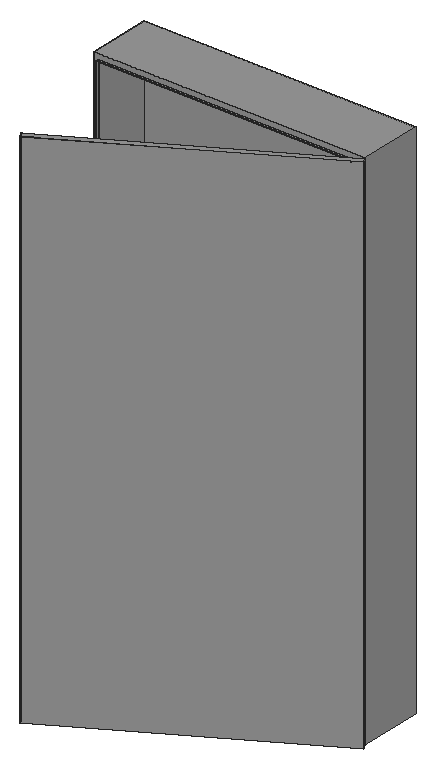
Revit family "Hager-Univers-IP44-D205-H1550-Cl.I-Encl-NoHosted-CH-de", category Equipement électrique, Revit 2020
Family settings
  Configuration du panneau = Deux colonnes, circuits au sein
  Cote de connecteur circulaire = Utiliser le diamètre
  Type d'élément = Tableau de raccordement
  Basée sur le plan de construction = Oui
  Toujours verticalement = Oui
  Couper avec des vides une fois chargée = Non
  Partagée = Non
  Point de calcul de pièce = Non
Parameters (values of type "Aufputz IP44 B800 H1550 T205  - FP03TN2")
  Width Control [instance] = if([EF000008 - Breite] > Min Width, [EF000008 - Breite], Min Width)  # 800 mm
  Commentaires du type = [HG000003 - Bereich]  # "Univers"
  Thickness Door [instance] = if([EF009171 - Materialstärke Tür/Deckel] > 3 mm, 3 mm, [EF009171 - Materialstärke Tür/Deckel])  # 1 mm
  Seal Frame Offset [instance] = 17 mm  # constant formula
  Plinth Visibility [instance] = [HG000027 - Sockelhöhe] > 0 mm  # no
  Min Width [instance] = 100 mm  # constant formula
  Min Depth [instance] = (2 * [EF009170 - Materialstärke Gehäuse]) + 1 mm  # 3 mm
  Min Height [instance] = 100 mm  # constant formula
  Internal Frame Depth [instance] = (Door System Depth * 0.5)  # 9 mm
  Panel Name [instance] = ""  # (empty or 0)
  Model = ""
  HG000027 - Sockelhöhe = 0 mm
  HG000026 - Stehend auf dem Boden = no
  HG000024 - Höhe des unteren Teils = 600 mm
  HG000023 - Gehäuse mit doppeltem Querschnitt = no
  HG000016 - 3D-Türsichtbarkeit [instance] = yes
  HG000015 - Sichtbarkeit der Türöffnung [instance] = no
  HG000014 - Tür rechts [instance] = yes
  HG000013 - Tür links [instance] = not([HG000014 - Tür rechts])  # no
  HG000012 - Türschwenkwinkel [instance] = 30.00°
  HG000010 - Asymmetrische Türen = no
  HG000009 - Doppelflügeligen Tür = no
  HG000006 - Unterputz = no
  HG000004 - Herstellerreferenz = "FP03TN2"
  HG000003 - Bereich = "Univers"
  HG000002 - Mit tür = yes
  Frame Offset Bottom [instance] = 10 mm  # constant formula
  Frame Offset [instance] = 15 mm  # constant formula
  EF015940 - Deckel mit Überdruckentlastung = no
  EF011959 - Schutzart (NEMA) = ""
  EF009554 - Anzahl der Öffnungen für Flanschplatten = 6
  EF009212 - Ausführung Deckel = "EV000116 - geschlossen"
  EF009171 - Materialstärke Tür/Deckel = 1 mm
  EF009170 - Materialstärke Gehäuse = 1 mm
  EF008873 - Nennstrom (In) = 250 A
  EF007800 - Geeignet für Blitzschutz = no
  EF006306 - Mit Schloss = no
  EF006244 - Transparenter Deckel/Tür = no
  EF005474 - Schutzart (IP) = "EV006418 - IP44"
  EF004464 - Art der Tür = "EV002646 - Einzel"
  EF004427 - Anzahl der Module = 360
  EF004293 - Schlagfestigkeit = "EV006815 - IK09"
  EF003532 - Geeignet für Außengebrauch = no
  EF002950 - Breite in Teilungseinheiten = 36
  EF001613 - Funktionserhalt = "EV000494 - ohne"
  EF001596 - Werkstoff des Gehäuses = "EV000179 - Stahl"
  EF001131 - Innentiefe = 205 mm
  EF001088 - Anbaumöglichkeit = yes
  EF000437 - Anzahl der Leitungseinführungen = 6
  EF000339 - Art der Abdeckung = "EV001012 - Deckel"
  EF000266 - Anzahl der Reihen = 10
  EF000218 - Einbautiefe = 205 mm
  EF000118 - Mit Montageplatte = no
  EF000116 - RAL-Nummer = "9010"
  EF000049 - Tiefe = 205 mm
  EF000040 - Höhe = 1550 mm
  EF000008 - Breite = 800 mm
  EF000007 - Farbe = "EV000202 - weiß"
  EF000003 - Montageart = "EV000384 - Aufputz"
  Door System Leaf Tolerance [instance] = 1.5 mm  # constant formula
  Door System Depth [instance] = 18 mm  # constant formula
  Door Height [instance] = Height Control - [HG000027 - Sockelhöhe]  # 1550 mm
  Description = ""
  Default Elevation = 1219.2 mm
  Connector Offset [instance] = Height Control / 2  # 775 mm
  Fabricant = "Hager"  # constant formula
  Height Control [instance] = if([EF000040 - Höhe] > Min Height, [EF000040 - Höhe], Min Height)  # 1550 mm
  Depth Control [instance] = if([EF000049 - Tiefe] > Min Depth, [EF000049 - Tiefe], Min Depth)  # 205 mm
  Bottom Top Plate Trim [instance] = 1.5 mm  # constant formula
  Plinth height Ctrl [instance] = if([HG000027 - Sockelhöhe] > 0 mm, [HG000027 - Sockelhöhe], 12 mm)  # 12 mm
Types (5, lengths in mm): name | Width Control | HG000010 - Asymmetrische Türen | HG000009 - Doppelflügeligen Tür | HG000004 - Herstellerreferenz | EF009554 - Anzahl der Öffnungen für Flanschplatten | EF008873 - Nennstrom (In) | EF004464 - Art der Tür | EF004427 - Anzahl der Module | EF002950 - Breite in Teilungseinheiten | EF000437 - Anzahl der Leitungseinführungen | EF000008 - Breite
  Aufputz IP44 B1050 H1550 T205  - FP04TN2 | 1050 | no | yes | "FP04TN2" | 8 | 400 A | "EV003602 - Doppel" | 480 | 48 | 8 | 1050
  Aufputz IP44 B1300 H1550 T205  - FP05TN2 | 1300 | yes | yes | "FP05TN2" | 10 | 400 A | "EV003602 - Doppel" | 600 | 60 | 10 | 1300
  Aufputz IP44 B300 H1550 T205  - FP01TN2 | 300 | no | no | "FP01TN2" | 2 | 250 A | "EV002646 - Einzel" | 120 | 12 | 2 | 300
  Aufputz IP44 B550 H1550 T205  - FP02TN2 | 550 | no | no | "FP02TN2" | 4 | 250 A | "EV002646 - Einzel" | 240 | 24 | 4 | 550
  Aufputz IP44 B800 H1550 T205  - FP03TN2 | 800 | no | no | "FP03TN2" | 6 | 250 A | "EV002646 - Einzel" | 360 | 36 | 6 | 800
Reference planes
  plane 1 "Center (Front/Back)": y = 0
  plane 2: z = 0
  plane 3 "Center (Left/Right)": x = 0
  plane 4: y = 0
  plane 5: y = 0
  plane 6: z = 0
  plane 7: x = -400
  plane 8: x = 400
  plane 9: x = 399
  plane 10: x = -399
  plane 11: z = 0
  plane 12: z = 1
  plane 13: y = -205
  plane 14: y = -1
  plane 15: x = 0
  plane 16: y = -187
  plane 17: y = -204
  plane 18: y = -186
  plane 19: x = -384
  plane 20: x = 384
  plane 21: z = 11
  plane 22: x = -383
  plane 23: x = 383
  plane 24: z = 0
  plane 25: z = 1550
  plane 26: z = 1550
  plane 27: z = 1534
  plane 28: z = 1549
Forms (mm)
  Extrusion 1, solid, material "Hager_Steel_RAL7035_Light_Grey", detail levels medium+fine
    sketch origin (-208.679, -4572, 0) x (-1, 0, 0) y (0, -1, 0)
      loop
        line (191.321, -4385) -> (-608.679, -4385) -> (-608.679, -4572) -> (191.321, -4572) -> (191.321, -4385)
    from 0 to 1550
  Extrusion 2, void
    sketch origin (-350.771, -205, 1219.2) x (1, 0, 0) y (0, 0, 1)
      loop
        line (-48.229, 329.8) -> (-48.229, -1218.2) -> (749.771, -1218.2) -> (749.771, 329.8) -> (-48.229, 329.8)
    from -19 to -204
  Extrusion 3, void
    sketch origin (-290.084, -187, 1219.2) x (1, 0, 0) y (0, 0, 1)
      loop
        line (-93.916, -1208.2) -> (674.084, -1208.2) -> (674.084, 314.8) -> (-93.916, 314.8) -> (-93.916, -1208.2)
    from 0 to -1
  Extrusion 4, solid, material "Hager_Steel_RAL7035_Light_Grey", visible <- "Plinth Visibility", detail levels medium+fine
    sketch origin (0, 0, 0) x (1, 0, 0) y (0, 1, 0)
      loop
        line (-400, 0) -> (-400, -187) -> (400, -187) -> (400, 0) -> (-400, 0)
    from 0 to 12 <- "Plinth height Ctrl"
  Extrusion 5, solid, material "Hager_Steel_RAL7035_Light_Grey", detail levels coarse
    sketch origin (0, 0, 0) x (1, 0, 0) y (0, 1, 0)
      loop
        line (-400, 0) -> (-400, -205) -> (400, -205) -> (400, 0) -> (-400, 0)
    from 0 to 1550 <- "Height Control"
  Sweep 6, void
    path in 3D
      loop
        line (-400, -187, 12) -> (400, -187, 12) -> (400, 0, 12) -> (-400, 0, 12) -> (-400, -187, 12)
    profile origin (-400, -93.5, 12) x (1, 0, 0) y (0, 0, 1)
      loop
        line (0, 0) -> (0, -1.5) -> (1.5, -1.5)
        arc (1.5, -1.5) -> (1.061, -0.439) -> (0, 0) r 1.5
  Extrusion 7, solid, material "Hager_Steel_RAL7035_Light_Grey", detail levels fine
    sketch origin (-400, -187, 0) x (1, 0, 0) y (0, 0, 1)
      loop
        line (16, 11) -> (784, 11) -> (784, 1534) -> (16, 1534) -> (16, 11)
      loop
        line (15, 10) -> (785, 10) -> (785, 1535) -> (15, 1535) -> (15, 10)
    from 0 to 9 <- "Internal Frame Depth"
Cuts and joins
  Extrusion 2, Extrusion 3 cuts Extrusion 1
  Sweep 6 cuts Extrusion 4
Lines and regions (mm)
  Masking region 1
    outline origin (0, 0, 0) x (1, 0, 0) y (0, 1, 0)
      loop
        line (-400, 0) -> (-400, -205) -> (400, -205) -> (400, 0) -> (-400, 0)
  Masking region 2, detail levels coarse
    outline origin (-290.084, -187, 1219.2) x (-1, 0, 0) y (0, 0, 1)
      loop
        line (-690.084, -1219.2) -> (109.916, -1219.2) -> (109.916, 330.8) -> (-690.084, 330.8) -> (-690.084, -1219.2)
  Masking region 3, detail levels coarse
    outline origin (0, 0, 0) x (0, 1, 0) y (0, 0, 1)
      loop
        line (0, 0) -> (0, 1550) -> (-205, 1550) -> (-205, 0) -> (0, 0)
  Masking region 4, visible <- "Plinth Visibility", detail levels medium+fine
    outline origin (0, 0, 0) x (0, 1, 0) y (0, 0, 1)
      loop
        line (-1.5, 12) -> (-185.5, 12)
        arc (-185.5, 12) -> (-185.939, 10.939) -> (-187, 10.5) r 1.5
        line (-187, 10.5) -> (-187, 0) -> (0, 0) -> (0, 10.5)
        arc (0, 10.5) -> (-1.061, 10.939) -> (-1.5, 12) r 1.5
  Masking region 5, detail levels medium+fine
    outline origin (0, 0, 594.038) x (0, 1, 0) y (0, 0, 1)
      loop
        line (0, -594.038) -> (0, 955.962) -> (-187, 955.962) -> (-187, -594.038) -> (0, -594.038)
  Masking region 6, detail levels medium+fine
    outline origin (-359.7, -187, 1211.883) x (-1, 0, 0) y (0, 0, 1)
      loop
        line (-759.7, -1211.883) -> (40.3, -1211.883) -> (40.3, 338.117) -> (-759.7, 338.117) -> (-759.7, -1211.883)
  Masking region 7, visible <- "Plinth Visibility", detail levels medium+fine
    outline origin (-320.334, -187, 1041.368) x (-1, 0, 0) y (0, 0, 1)
      loop
        line (-720.334, -1041.368) -> (79.666, -1041.368) -> (79.666, -1030.868)
        arc (79.666, -1030.868) -> (78.606, -1030.429) -> (78.166, -1029.368) r 1.5
        line (78.166, -1029.368) -> (-718.834, -1029.368)
        arc (-718.834, -1029.368) -> (-719.273, -1030.429) -> (-720.334, -1030.868) r 1.5
        line (-720.334, -1030.868) -> (-720.334, -1041.368)
  sketch lines
    curve 1: line (-400, 0, 12) -> (-400, -187, 12)
    curve 2: line (-400, -187, 12) -> (400, -187, 12)
    curve 3: line (400, 0, 12) -> (-400, 0, 12)
    curve 4: line (400, -187, 12) -> (400, 0, 12)
Dimensions and locks
  locked: plane 1 "Center (Front/Back)" to plane 5
  "EF009170 - Materialstärke Gehäuse": plane 7 to plane 10
  "EF009170 - Materialstärke Gehäuse": plane 8 to plane 9
  equal spacing: plane 7, plane 3 "Center (Left/Right)", plane 8
  "Width Control": plane 7 to plane 8
  "Depth Control": plane 4 to plane 13
  "EF009170 - Materialstärke Gehäuse": plane 4 to plane 14
  "Height Control": plane 25 to level
  "HG000027 - Sockelhöhe": plane 11 to level
  "EF009170 - Materialstärke Gehäuse": plane 12 to plane 11
  "EF009170 - Materialstärke Gehäuse": plane 17 to plane 13
  "EF009170 - Materialstärke Gehäuse": plane 18 to plane 16
  "Frame Offset Bottom": plane 21 to plane 12
  "Frame Offset": plane 10 to plane 19
  "Frame Offset": plane 9 to plane 20
  "Door System Depth": plane 16 to plane 13
  "Seal Frame Offset": plane 7 to plane 22
  "Seal Frame Offset": plane 8 to plane 23
  "EF009170 - Materialstärke Gehäuse": plane 26 to plane 28
  "Frame Offset": plane 28 to plane 27
  "Connector Offset": plane 2 to connector elem
  "Bottom Top Plate Trim": profile plane to Sweep 6 sketch curve
  "Bottom Top Plate Trim": Sweep 6 sketch curve to Sweep 6 sketch curve
  "Plinth height Ctrl": Masking region 4 sketch curve to level
  "Plinth height Ctrl": Masking region 7 sketch curve to level
  "Thickness Door": Extrusion 7 sketch curve to Extrusion 7 sketch curve  (x4)
  "Bottom Top Plate Trim": radius of Sweep 6 sketch curve
  "Bottom Top Plate Trim": radius of Masking region 4 sketch curve  (x2)
  "Bottom Top Plate Trim": radius of Masking region 7 sketch curve  (x2)
  aligned and locked: Extrusion 2 sketch curve to plane 12
  aligned and locked: Extrusion 2 sketch curve to plane 9
  aligned and locked: Extrusion 2 sketch curve to plane 10
  aligned and locked: Extrusion 2 to plane 14
  aligned and locked: Extrusion 1 sketch curve to plane 4
  aligned and locked: plane 8 to Extrusion 1 sketch curve
  aligned and locked: plane 7 to Extrusion 1 sketch curve
  aligned and locked: Extrusion 2 to plane 18
  aligned and locked: Extrusion 3 sketch curve to plane 19
  aligned and locked: plane 20 to Extrusion 3 sketch curve
  aligned and locked: Extrusion 3 to Extrusion 2
  aligned and locked: Extrusion 3 sketch curve to plane 21
  aligned and locked: plane 3 "Center (Left/Right)" to nested 1
  aligned and locked: Extrusion 1 sketch curve to plane 16
  aligned and locked: Extrusion 4 sketch curve to cut or joined group of Extrusion 1, Extrusion 2, Extrusion 3
  aligned and locked: Masking region 1 sketch curve to plane 7
  aligned and locked: Masking region 1 sketch curve to plane 5
  aligned and locked: Masking region 1 sketch curve to plane 8
  aligned and locked: Masking region 2 sketch curve to level
  aligned and locked: level to Masking region 3 sketch curve
  aligned and locked: plane 1 "Center (Front/Back)" to Masking region 3 sketch curve
  aligned and locked: plane 13 to Masking region 3 sketch curve
  aligned and locked: plane 5 to Masking region 4 sketch curve
  aligned and locked: Masking region 2 sketch curve to plane 8
  aligned and locked: Masking region 2 sketch curve to plane 7
  aligned and locked: plane 7 to nested 2
  aligned and locked: nested 2 to plane 5
  aligned and locked: plane 5 to Masking region 5 sketch curve
  aligned and locked: plane 26 to Masking region 5 sketch curve
  aligned and locked: Extrusion 5 sketch curve to plane 8
  aligned and locked: Extrusion 5 sketch curve to plane 7
  aligned and locked: Extrusion 5 sketch curve to plane 5
  aligned and locked: Extrusion 3 sketch curve to plane 27
  aligned and locked: Extrusion 2 sketch curve to plane 28
  aligned and locked: Masking region 2 to plane 25
  aligned and locked: Extrusion 4 to plane 16
  aligned and locked: profile plane to Sweep 6 sketch curve
  aligned and locked: Masking region 5 sketch curve to plane 24
  aligned and locked: level to Masking region 4 sketch curve
  aligned and locked: Masking region 1 to plane 13
  aligned and locked: nested 1 to plane 16
  aligned and locked: Masking region 3 to plane 25
  aligned and locked: plane 16 to Masking region 4 sketch curve
  aligned and locked: Masking region 5 sketch curve to plane 16
  aligned and locked: plane 24 to plane 11
  aligned and locked: plane 26 to plane 25
  aligned and locked: plane 26 to cut or joined group of Extrusion 1, Extrusion 2, Extrusion 3
  aligned and locked: nested 1 to plane 24
  aligned and locked: Extrusion 1 to Extrusion 3
  aligned and locked: Masking region 6 sketch curve to plane 8
  aligned and locked: Masking region 6 sketch curve to plane 24
  aligned and locked: Masking region 6 sketch curve to plane 7
  aligned and locked: Masking region 6 sketch curve to plane 26
  aligned and locked: Masking region 7 sketch curve to plane 7
  aligned and locked: level to Masking region 7 sketch curve
  aligned and locked: Masking region 7 sketch curve to plane 8
  aligned and locked: Extrusion 7 sketch curve to cut or joined group of Extrusion 1, Extrusion 2, Extrusion 3  (x4)
Automatic sketch dimensions
  plane 19 to Extrusion 3 sketch curve = 0 mm
  Extrusion 3 sketch curve to plane 20 = 0 mm
  Extrusion 3 sketch curve to plane 21 = 0 mm
  Extrusion 4 sketch curve to plane 7 = 0 mm
  Extrusion 4 sketch curve to plane 8 = 0 mm
  Extrusion 4 sketch curve to plane 16 = 0 mm
  Masking region 1 sketch curve to plane 13 = 0 mm
  Masking region 2 sketch curve to plane 25 = 0 mm
  Masking region 3 sketch curve to plane 25 = 0 mm
  Extrusion 5 sketch curve to plane 13 = 0 mm
  profile plane to Sweep 6 sketch curve = 0 mm
Nested families
  nested 1: "EC000058_Univers_Door" at (0, -187, 0), Double <- "HG000009 - Doppelflügeligen Tür", Transparent <- "EF006244 - Transparenter Deckel/Tür", Angle <- "HG000012 - Türschwenkwinkel", Door_Right <- "HG000014 - Tür rechts", Assymetrical <- "HG000010 - Asymmetrische Türen", Door <- "HG000002 - Mit tür", Width_Ctrl <- "Width Control", 3d_Door <- "HG000016 - 3D-Türsichtbarkeit", Clearance <- "HG000015 - Sichtbarkeit der Türöffnung", Door_Left <- "HG000013 - Tür links", Width <- "Width Control", Door_Depth <- "Door System Depth", Leaf_Tolerance <- "Door System Leaf Tolerance", Height <- "Door Height", Lock_Visibility <- "EF006306 - Mit Schloss", Thickness <- "Thickness Door", type "EC000058_Univers_Door", detail levels medium+fine
    with min_wh 3 mm, Width_Ctrl 800 mm, Width 800 mm, Transparent no, Thickness 1 mm, Seal_Material Hager_Rubber, Lock_Visibility no, Lock_Material Hager_Plastic_RAL9005_Jet_Black, Leaf_Width 800 mm, Leaf_Tolerance_External_Sides 0 mm, Leaf_Tolerance 1.5 mm, Leaf_Offset 0 mm, Leaf_Height 1547 mm, Leaf_2_Width 800 mm, Leaf_2_Offset 400 mm, Leaf_1_Width 800 mm, Leaf_1_Offset 400 mm, Height_Ctrl 1550 mm, Height 1550 mm, Glass_Material Hager_Glass, Double_Clearance_Ctrl no, Double no, Door_Right_Ctrl yes, Door_Right yes, Door_Material Hager_Steel_RAL7035_Light_Grey, Door_Left_Ctrl no, Door_Left no, Door_Depth 18 mm, Door yes, Clearance_Material Hager_Clearance, Clearance_Depth 800 mm, Clearance_Ctrl no, Clearance no, Assymetrical no, Angle 30.00°, 3d_Door yes
  nested 2: "Hager_Enclosure_Symbol" at (-400, 0, 0), Height <- "Depth Control", Width <- "Width Control", type "Hager_Enclosure_Symbol"
    with Width_Ctrl 800 mm, Width 800 mm, Height_Ctrl 205 mm, Height 205 mm, A_Width_Int 13.453 mm, A_Width 161.438 mm, A_Height_Ctrl 179.375 mm, A_Height 179.375 mm
Connectors
  electrical at (0, 0, 775)
    settings: on plane 1 "Center (Front/Back)", index 1, voltage 0 V, apparent load 0 VA, apparent load phase1 0 VA, apparent load phase2 0 VA, apparent load phase3 0 VA, power factor 1, load classification "Other", number of poles 1, system type 30, power factor state 1, is connector primary yes, connector utility no, sub classification motor no, connector description ""
Definition of nested family "EC000058_Univers_Door"
  Parameters (values of type "EC000058_Univers_Door")
    min_wh [instance] = (2 * Thickness) + 1 mm  # 11 mm
    Width_Ctrl [instance] = 400 mm
    Width [instance] = 500 mm
    Transparent [instance] = yes
    Thickness [instance] = 5 mm
    Seal_Material [instance] = none
    Lock_Visibility [instance] = yes
    Lock_Material [instance] = none
    Leaf_Width [instance] = if((Width_Ctrl - 2 * Leaf_Tolerance_External_Sides) > 0 mm, (Width_Ctrl - 2 * Leaf_Tolerance_External_Sides), min_wh)  # 400 mm
    Leaf_Tolerance_External_Sides [instance] = 0 mm  # constant formula
    Leaf_Tolerance [instance] = 1.5 mm
    Leaf_Offset [instance] = 0 mm  # constant formula
    Leaf_Height [instance] = if((Height_Ctrl - 2 * Leaf_Tolerance) > 0 mm, (Height_Ctrl - 2 * Leaf_Tolerance), min_wh)  # 497 mm
    Leaf_2_Width [instance] = if(and(and(Double, Assymetrical), Door_Left), (Leaf_Width / 3) - (Leaf_Tolerance / 2), if(and(and(Double, Assymetrical), Door_Right), (Leaf_Width / 3) * 2 - (Leaf_Tolerance / 2), if(and(Double, not(Assymetrical)), (Leaf_Width / 2) - Leaf_Tolerance, Leaf_Width)))  # 400 mm
    Leaf_2_Offset [instance] = if(and(Double, Assymetrical), Leaf_2_Width / 2, if(and(Double, not(Assymetrical)), Leaf_Width / 4, Leaf_Width / 2))  # 200 mm
    Leaf_1_Width [instance] = if(and(and(Double, Assymetrical), Door_Right), (Leaf_Width / 3) - (Leaf_Tolerance / 2), if(and(and(Double, Assymetrical), Door_Left), (Width / 3) * 2 - (Leaf_Tolerance / 2), if(and(Double, not(Assymetrical)), (Leaf_Width / 2) - Leaf_Tolerance, Leaf_Width)))  # 400 mm
    Leaf_1_Offset [instance] = if(and(Double, Assymetrical), Leaf_1_Width / 2, if(and(Double, not(Assymetrical)), Leaf_Width / 4, Leaf_Width / 2))  # 200 mm
    Height_Ctrl [instance] = if(Height > min_wh, Height, min_wh)  # 500 mm
    Height [instance] = 500 mm
    Glass_Material [instance] = none
    Double_Clearance_Ctrl [instance] = and(Double, Clearance)  # no
    Double [instance] = no
    Door_Right_Ctrl [instance] = and(or(Door_Right, Double), Door)  # yes
    Door_Right [instance] = yes
    Door_Material [instance] = none
    Door_Left_Ctrl [instance] = and(or(Door_Left, Double), Door)  # no
    Door_Left [instance] = no
    Door_Depth [instance] = 30 mm
    Door [instance] = yes
    Default Elevation = 1219.2 mm
    Clearance_Material [instance] = none
    Clearance_Depth [instance] = if(Leaf_1_Width > Leaf_2_Width, Leaf_1_Width, Leaf_2_Width)  # 400 mm
    Clearance_Ctrl [instance] = and(not(Double), Clearance)  # yes
    Clearance [instance] = yes
    Assymetrical [instance] = yes
    Angle [instance] = 30.00°
    3d_Door [instance] = yes
  Reference planes
    plane 1 "Center (Front/Back)": y = 0
    plane 2 "Bottom": z = 0
    plane 3 "Center (Left/Right)": x = 0
    plane 4: z = 500
    plane 5: x = -200
    plane 6: x = 200
    plane 7: z = 500
    plane 8: x = -200
    plane 9: z = 0
    plane 10: x = 200
    plane 11: y = 0
    plane 12: z = 1.5
    plane 13: x = -600
    plane 14: y = -400
    plane 15: x = 600
    plane 16: x = 0
    plane 17: x = 0
    plane 18: x = -200
    plane 19: x = 200
    plane 20: z = 498.5
  Forms (mm)
    Extrusion 1, solid, material <- "Clearance_Material", visible <- "Double_Clearance_Ctrl"
      sketch origin (1200, 0, 0) x (1, 0, 0) y (0, 0, -1)
        loop
          line (-1800, -498.5) -> (-600, -498.5) -> (-600, 0) -> (-1800, 0) -> (-1800, -498.5)
      from 0 to -400
  Dimensions and locks
    equal spacing: plane 5, plane 3 "Center (Left/Right)", plane 6
    "Width_Ctrl": plane 5 to plane 6
    "Leaf_Offset": plane 5 to plane 8
    "Leaf_Offset": plane 6 to plane 10
    "Leaf_Offset": plane 9 to level
    "Leaf_Offset": plane 4 to plane 7
    "Height_Ctrl": plane 4 to level
    "Leaf_Tolerance": plane 12 to plane 9
    locked: plane 11 to plane 1 "Center (Front/Back)"
    "Leaf_1_Offset": plane 18 to plane 16
    "Leaf_2_Offset": plane 17 to plane 19
    "Leaf_1_Width": plane 13 to plane 8
    "Leaf_2_Width": plane 10 to plane 15
    "Clearance_Depth": plane 14 to plane 1 "Center (Front/Back)"
    "Leaf_Tolerance_External_Sides": plane 8 to plane 18
    "Leaf_Tolerance_External_Sides": plane 19 to plane 10
    "Leaf_Tolerance": plane 7 to plane 20
    aligned and locked: level to plane 2 "Bottom"
    aligned and locked: nested 1 to plane 16
    aligned and locked: nested 2 to plane 17
    aligned and locked: Extrusion 1 to plane 13
    aligned and locked: plane 15 to Extrusion 1
    aligned and locked: Extrusion 1 to plane 14
    aligned and locked: plane 12 to nested 1
    aligned and locked: nested 2 to plane 12
    aligned and locked: Extrusion 1 to plane 11
    aligned and locked: plane 20 to Extrusion 1
    aligned and locked: nested 2 to plane 11
    aligned and locked: nested 1 to plane 11
  Automatic sketch dimensions
    Extrusion 1 sketch curve to level = 0 mm
    plane 5 to Extrusion 1 sketch curve = 400 mm
    plane 6 to Extrusion 1 sketch curve = 400 mm
    Extrusion 1 sketch curve to plane 4 = 1.5 mm
  Nested families
    nested 1: "EC000058_Univers_Door_Leaf" at (0, 0, 1.5), Width <- "Leaf_1_Width", visible <- "Door_Left_Ctrl", Leaf_Height <- "Leaf_Height", Angle <- "Angle", 3d_Door <- "3d_Door", Transparent <- "Transparent", Clearance Material <- "Clearance_Material", Clearance <- "Clearance_Ctrl", Door_Material <- "Door_Material", Glass_Material <- "Glass_Material", Door_Depth <- "Door_Depth", Lock_Material <- "Lock_Material", Seal_Material <- "Seal_Material", Lock_Visibility <- "Lock_Visibility", Thickness <- "Thickness", type "EC000058_Univers_Door_Leaf"
      with Width 400 mm, Transparent_Glass_Offset 30 mm, Transparent_Ctrl yes, Transparent yes, Thickness 5 mm, Standard no, Seal_Material none, Seal_D2 8 mm, Seal_D1 1 mm, Offset_Internal_Frame 10 mm, Lock_Width 20 mm, Lock_Visibility_3d yes, Lock_Visibility yes, Lock_Thickness_3 3 mm, Lock_Thickness_2 1 mm, Lock_Thickness_1 3 mm, Lock_Radius_Offset_2 16 mm, Lock_Radius_Offset_1 15 mm, Lock_Radius_2 5 mm, Lock_Radius 6 mm, Lock_Offset 5 mm, Lock_Material none, Lock_Height 80 mm, Lock_Cover_Top_Offset_2d 17 mm, Lock_Cover_Height -65 mm, Leaf_Height 497 mm, Internal_Seal_Thickness 8 mm, Internal_Seal_Depth_2 4.5 mm, Internal_Frame_Depth 25 mm, Glass_Thickness -1 mm, Glass_Offset -2 mm, Glass_Material none, Door_Material none, Door_Depth 30 mm, Clearance Material none, Clearance yes, Angle_Ctrl 30.00°, Angle 30.00°, 3d_Door yes
    nested 2: "EC000058_Univers_Door_Leaf" at (0, 0, 1.5) x (-1, 0, 0) z (0, 0, 1), Width <- "Leaf_2_Width", visible <- "Door_Right_Ctrl", Leaf_Height <- "Leaf_Height", Angle <- "Angle", 3d_Door <- "3d_Door", Transparent <- "Transparent", Clearance Material <- "Clearance_Material", Clearance <- "Clearance_Ctrl", Door_Material <- "Door_Material", Glass_Material <- "Glass_Material", Door_Depth <- "Door_Depth", Lock_Material <- "Lock_Material", Seal_Material <- "Seal_Material", Lock_Visibility <- "Lock_Visibility", Thickness <- "Thickness", type "EC000058_Univers_Door_Leaf"
      with Width 400 mm, Transparent_Glass_Offset 30 mm, Transparent_Ctrl yes, Transparent yes, Thickness 5 mm, Standard no, Seal_Material none, Seal_D2 8 mm, Seal_D1 1 mm, Offset_Internal_Frame 10 mm, Lock_Width 20 mm, Lock_Visibility_3d yes, Lock_Visibility yes, Lock_Thickness_3 3 mm, Lock_Thickness_2 1 mm, Lock_Thickness_1 3 mm, Lock_Radius_Offset_2 16 mm, Lock_Radius_Offset_1 15 mm, Lock_Radius_2 5 mm, Lock_Radius 6 mm, Lock_Offset 5 mm, Lock_Material none, Lock_Height 80 mm, Lock_Cover_Top_Offset_2d 17 mm, Lock_Cover_Height -65 mm, Leaf_Height 497 mm, Internal_Seal_Thickness 8 mm, Internal_Seal_Depth_2 4.5 mm, Internal_Frame_Depth 25 mm, Glass_Thickness -1 mm, Glass_Offset -2 mm, Glass_Material none, Door_Material none, Door_Depth 30 mm, Clearance Material none, Clearance yes, Angle_Ctrl 30.00°, Angle 30.00°, 3d_Door yes
  Definition of nested family "EC000058_Univers_Door_Leaf"
    Parameters (values of type "EC000058_Univers_Door_Leaf")
      Width [instance] = 2000 mm
      Transparent_Glass_Offset [instance] = 30 mm
      Transparent_Ctrl [instance] = and(Transparent, [3d_Door])  # yes
      Transparent [instance] = yes
      Thickness [instance] = 5 mm
      Standard [instance] = and(not(Transparent), [3d_Door])  # no
      Seal_Material [instance] = none
      Seal_D2 [instance] = 8 mm  # constant formula
      Seal_D1 [instance] = 1 mm  # constant formula
      Offset_Internal_Frame [instance] = 10 mm  # constant formula
      Lock_Width [instance] = 20 mm  # constant formula
      Lock_Visibility_3d [instance] = and(Lock_Visibility, [3d_Door])  # yes
      Lock_Visibility [instance] = yes
      Lock_Thickness_3 [instance] = 3 mm  # constant formula
      Lock_Thickness_2 [instance] = 1 mm  # constant formula
      Lock_Thickness_1 [instance] = 3 mm  # constant formula
      Lock_Radius_Offset_2 [instance] = Lock_Radius_Offset_1 + 1 mm  # 16 mm
      Lock_Radius_Offset_1 [instance] = 15 mm  # constant formula
      Lock_Radius_2 [instance] = Lock_Radius - 1 mm  # 5 mm
      Lock_Radius [instance] = 6 mm  # constant formula
      Lock_Offset [instance] = 5 mm  # constant formula
      Lock_Material [instance] = none
      Lock_Height [instance] = 80 mm  # constant formula
      Lock_Cover_Top_Offset_2d [instance] = Lock_Radius_Offset_2 + 1 mm  # 17 mm
      Lock_Cover_Height [instance] = -(Lock_Height - Lock_Radius_Offset_1)  # -65 mm
      Leaf_Height [instance] = 2720.336 mm
      Internal_Seal_Thickness [instance] = 8 mm  # constant formula
      Internal_Seal_Depth_2 [instance] = 4.5 mm  # constant formula
      Internal_Frame_Depth [instance] = if(Door_Depth - Thickness > 5 mm, Door_Depth - Thickness, 5 mm)  # 25 mm
      Glass_Thickness [instance] = if(Thickness > 15 mm, Glass_Offset + 10 mm, -1 mm)  # -1 mm
      Glass_Offset [instance] = if(Thickness > 15 mm, -(Thickness + 10 mm) / 2, -2 mm)  # -2 mm
      Glass_Material [instance] = none
      Door_Material [instance] = none
      Door_Depth [instance] = 30 mm
      Default Elevation = 0 mm
      Clearance Material [instance] = none
      Clearance [instance] = yes
      Angle_Ctrl [instance] = if(Angle > 180.00°, 180.00°, Angle)  # 90.00°
      Angle [instance] = 90.00°
      3d_Door [instance] = yes
    Reference planes
      plane 1 "Center (Front/Back)": y = 0
      plane 2: z = 0
      plane 3 "Center (Left/Right)": x = 0
      plane 4: y = 2000
      plane 5: x = -1000
      plane 6: x = 1000
      plane 7: x = -3000
      plane 8: z = 2720.336
      plane 9: z = 30
      plane 10: z = 2690.336
      plane 11: x = 970
      plane 12: x = -970
      plane 13: y = -3
      plane 14: z = 107.833
      plane 15: y = -5
      plane 16: y = -223.314
      plane 17: x = -1000
      plane 18: z = 1360.168
      plane 19: y = 30
    Forms (mm)
      Extrusion 1, solid, material <- "Clearance Material", visible <- "Clearance"
        sketch origin (0, 0, 0) x (1, 0, 0) y (0, 0, 1)
          loop
            line (-3000, 2720.336) -> (-3000, 0) -> (1000, 0) -> (1000, 2720.336) -> (-3000, 2720.336)
        from 0 to -2000
      Extrusion 2, solid, material <- "Door_Material", visible <- "Standard", detail levels medium+fine
        sketch origin (-1000, 0, 0) x (0, 1, 0) y (-1, 0, 0)
          loop
            line (0, 30) -> (0, 25) -> (2000, 25) -> (2000, 30) -> (0, 30)
        from 0 to 2720.336 <- "Leaf_Height"
      Extrusion 3, solid, material <- "Door_Material", visible <- "Transparent_Ctrl", detail levels medium+fine
        sketch origin (-1000, 0, 0) x (0, 1, 0) y (-1, 0, 0)
          loop
            line (0, 25) -> (2000, 25) -> (2000, 30) -> (0, 30) -> (0, 25)
        from 0 to 2720.336 <- "Leaf_Height"
      Extrusion 4, void
        sketch origin (-1025, 2000, 0) x (0, 1, 0) y (0, 0, -1)
          loop
            line (-30, -2690.336) -> (-30, -30) -> (-1970, -30) -> (-1970, -2690.336) -> (-30, -2690.336)
        from 0 to 5 <- "Thickness"
      Sweep 5, solid, material <- "Seal_Material", visible <- "Transparent_Ctrl", detail levels fine
        path in 3D
          loop
            line (-1025, 30, 30) -> (-1025, 30, 2690.336) -> (-1025, 1970, 2690.336) -> (-1025, 1970, 30) -> (-1025, 30, 30)
        profile origin (-1025, 1000, 30) x (1, 0, 0) y (0, 0, 1)
          loop
            line (0, 0) -> (0, -8) -> (1, -8) -> (1, 0) -> (0, 0)
      Extrusion 6, solid, material <- "Glass_Material", visible <- "Transparent_Ctrl", detail levels medium+fine
        sketch origin (-1030, 0, 0) x (0, 1, 0) y (0, 0, -1)
          loop
            line (1970, -2690.336) -> (1970, -30) -> (30, -30) -> (30, -2690.336) -> (1970, -2690.336)
        from -2 <- "Glass_Offset" to -1 <- "Glass_Thickness"
      Extrusion 7, solid, material <- "Door_Material", visible <- "3d_Door", detail levels medium+fine
        sketch origin (-1025, 2000, 0) x (0, -1, 0) y (0, 0, -1)
          loop
            line (0, -2720.336) -> (2000, -2720.336) -> (2000, 0) -> (0, 0) -> (0, -2720.336)
          loop
            line (1995, -5) -> (5, -5) -> (5, -2715.336) -> (1995, -2715.336) -> (1995, -5)
        from 0 to 25 <- "Internal_Frame_Depth"
      Sweep 8, solid, material <- "Seal_Material", visible <- "Transparent_Ctrl", detail levels fine
        path in 3D
          loop
            line (-1025, 0, 0) -> (-1025, 2000, 0) -> (-1025, 2000, 2720.336) -> (-1025, 0, 2720.336) -> (-1025, 0, 0)
        profile origin (-1025, 0, 1360.168) x (1, 0, 0) y (0, 1, 0)
          loop
            line (0, 10) -> (2.975, 10)
            arc (2.975, 10) -> (4.053, 10.447) -> (4.5, 11.525) r 1.525
            line (4.5, 11.525) -> (4.5, 16.527)
            arc (4.5, 16.527) -> (4.069, 17.569) -> (3.027, 18) r 1.473
            line (3.027, 18) -> (0, 18) -> (0, 10)
      Extrusion 9, solid, material <- "Lock_Material", visible <- "Lock_Visibility_3d", detail levels fine
        sketch origin (-1030, 0, 0) x (0, 1, 0) y (0, 0, -1)
          loop
            arc (1993.5, -1400.168) -> (1994.561, -1399.729) -> (1995, -1398.668) r 1.5
            line (1995, -1398.668) -> (1995, -1320.168) -> (1975, -1320.168) -> (1975, -1398.668)
            arc (1975, -1398.668) -> (1975.439, -1399.729) -> (1976.5, -1400.168) r 1.5
            line (1976.5, -1400.168) -> (1993.5, -1400.168)
        from 3 <- "Lock_Thickness_1" to 0
      Blend 10, solid, material <- "Lock_Material", visible <- "Lock_Visibility_3d", detail levels fine
        base sketch origin (-1033, 0, 0) x (0, 1, 0) y (0, 0, -1)
          loop
            line (1975, -1320.168) -> (1975, -1398.668)
            arc (1975, -1398.668) -> (1975.439, -1399.729) -> (1976.5, -1400.168) r 1.5
            line (1976.5, -1400.168) -> (1993.5, -1400.168)
            arc (1993.5, -1400.168) -> (1994.561, -1399.729) -> (1995, -1398.668) r 1.5
            line (1995, -1398.668) -> (1995, -1320.168) -> (1975, -1320.168)
        top sketch origin (-1033, 0, 0) x (0, 1, 0) y (0, 0, -1)
          loop
            line (1976, -1320.168) -> (1976, -1398.668)
            arc (1976, -1398.668) -> (1976.146, -1399.022) -> (1976.5, -1399.168) r 0.5
            line (1976.5, -1399.168) -> (1993.5, -1399.168)
            arc (1993.5, -1399.168) -> (1993.854, -1399.022) -> (1994, -1398.668) r 0.5
            line (1994, -1398.668) -> (1994, -1320.168) -> (1976, -1320.168)
        from 0 to 1 <- "Lock_Thickness_2"
      Blend 11, solid, material <- "Lock_Material", visible <- "Lock_Visibility_3d", detail levels fine
        base sketch origin (-1034, 0, 0) x (0, 1, 0) y (0, 0, -1)
          loop
            line (1978, -1320.168) -> (1978, -1384.168)
            arc (1978, -1384.168) -> (1985, -1391.168) -> (1992, -1384.168) r 7
            line (1992, -1384.168) -> (1992, -1320.168) -> (1978, -1320.168)
        top sketch origin (-1034, 0, 0) x (0, 1, 0) y (0, 0, -1)
          loop
            line (1991, -1320.168) -> (1979, -1320.168) -> (1979, -1383.168)
            arc (1979, -1383.168) -> (1985, -1389.168) -> (1991, -1383.168) r 6
            line (1991, -1383.168) -> (1991, -1320.168)
        from 0 to 3 <- "Lock_Thickness_3"
      Extrusion 12, solid, material <- "Lock_Material", visible <- "Lock_Visibility_3d", detail levels fine
        sketch origin (-1030, 1975, 1320.168) x (1, 0, 0) y (0, -1, 0)
          loop
            line (-7, -19) -> (-7, -1) -> (0, -1) -> (0, 0) -> (-8, 0) -> (-8, -20) -> (0, -20) -> (0, -19) -> (-7, -19)
        from 0 to -65 <- "Lock_Cover_Height"
      Extrusion 13, void
        sketch origin (-1038, 1995, 1320.168) x (-1, 0, 0) y (0, 0, -1)
          loop
            line (-5, -65) -> (0, -65) -> (-5, -60) -> (-5, -65)
        from 0 to 20 <- "Lock_Width"
      Extrusion 14, void
        sketch origin (-1038, 1975, 1320.168) x (0, -1, 0) y (0, 0, -1)
          loop
            circle (-10, -15.995) r 6
          loop
            circle (-10, -15.995) r 5
        from 0 to 2
      Extrusion 15, solid, material <- "Lock_Material", visible <- "Lock_Visibility_3d", detail levels medium
        sketch origin (-1030, 0, 0) x (0, 1, 0) y (0, 0, -1)
          loop
            arc (1993.5, -1400.168) -> (1994.561, -1399.729) -> (1995, -1398.668) r 1.5
            line (1995, -1398.668) -> (1995, -1320.168) -> (1975, -1320.168) -> (1975, -1398.668)
            arc (1975, -1398.668) -> (1975.439, -1399.729) -> (1976.5, -1400.168) r 1.5
            line (1976.5, -1400.168) -> (1993.5, -1400.168)
        from 8 to 0
    Cuts and joins
      Extrusion 4 cuts Extrusion 3
      Extrusion 13, Extrusion 14 cuts Extrusion 9
      Extrusion 14 cuts Blend 11
      Extrusion 13, Extrusion 14 cuts Extrusion 12
      joined: Extrusion 9, Blend 10, Blend 11, Extrusion 12
      Extrusion 14 cuts Extrusion 15
    Lines and regions (mm)
      Masking region 1, visible <- "Lock_Visibility", detail levels fine
        outline origin (0, 0, 0) x (0, 1, 0) y (0, 0, 1)
          loop
            line (30, 1320.168) -> (33, 1320.168) -> (33, 1400.168) -> (30, 1400.168) -> (30, 1320.168)
      Masking region 2, visible <- "Lock_Visibility", detail levels fine
        outline origin (0, 3.143, 0) x (0, 1, 0) y (0, 0, 1)
          loop
            line (29.857, 1354.168) -> (30.857, 1354.168) -> (30.857, 1366.168) -> (29.857, 1366.168) -> (29.857, 1354.168)
      Masking region 3, detail levels medium+fine
        outline origin (0, 0, 0) x (0, 1, 0) y (0, 0, 1)
          loop
            line (0, 0) -> (30, 0) -> (30, 2720.336) -> (0, 2720.336) -> (0, 0)
      Masking region 4, detail levels medium+fine
        outline origin (0, 0, 0) x (1, 0, 0) y (0, 0, 1)
          loop
            line (-1000, 2720.336) -> (-1000, 0) -> (1000, 0) -> (1000, 2720.336) -> (-1000, 2720.336)
      Masking region 5, visible <- "Lock_Visibility", detail levels fine
        outline origin (-47.116, 0, 0) x (1, 0, 0) y (0, 0, 1)
          loop
            arc (1024.616, 1399.168) -> (1023.556, 1398.729) -> (1023.116, 1397.668) r 1.5
            line (1023.116, 1397.668) -> (1023.116, 1320.168) -> (1041.116, 1320.168) -> (1041.116, 1397.668)
            arc (1041.116, 1397.668) -> (1040.677, 1398.729) -> (1039.616, 1399.168) r 1.5
            line (1039.616, 1399.168) -> (1024.616, 1399.168)
      Masking region 6, visible <- "Lock_Visibility", detail levels medium+fine
        outline origin (-25, 0, 0) x (1, 0, 0) y (0, 0, 1)
          loop
            arc (1001.5, 1400.168) -> (1000.439, 1399.729) -> (1000, 1398.668) r 1.5
            line (1000, 1398.668) -> (1000, 1320.168) -> (1020, 1320.168) -> (1020, 1398.668)
            arc (1020, 1398.668) -> (1019.561, 1399.729) -> (1018.5, 1400.168) r 1.5
            line (1018.5, 1400.168) -> (1001.5, 1400.168)
      Masking region 7, visible <- "Lock_Visibility", detail levels fine
        outline origin (-73.735, 0, 0) x (1, 0, 0) y (0, 0, 1)
          loop
            line (1051.735, 1382.168) -> (1065.735, 1382.168) -> (1065.735, 1384.168)
            arc (1065.735, 1384.168) -> (1058.735, 1391.168) -> (1051.735, 1384.168) r 7
            line (1051.735, 1384.168) -> (1051.735, 1382.168)
      Masking region 8, visible <- "Lock_Visibility", detail levels fine
        outline origin (-73.735, 0, 0) x (1, 0, 0) y (0, 0, 1)
          loop
            line (1052.735, 1382.168) -> (1064.735, 1382.168) -> (1064.735, 1383.168)
            arc (1064.735, 1383.168) -> (1058.735, 1389.168) -> (1052.735, 1383.168) r 6
            line (1052.735, 1383.168) -> (1052.735, 1382.168)
      Masking region 9, visible <- "Lock_Visibility", detail levels fine
        outline origin (-25, 0, 0) x (1, 0, 0) y (0, 0, 1)
          loop
            line (1020, 1320.168) -> (1020, 1382.168) -> (1000, 1382.168) -> (1000, 1320.168) -> (1020, 1320.168)
      Masking region 10, detail levels medium+fine
        outline origin (0, 0, 0) x (1, 0, 0) y (0, 0, 1)
          loop
            circle (985, 1335.144) r 6
      Masking region 11, detail levels fine
        outline origin (0, 0, 0) x (1, 0, 0) y (0, 0, 1)
          loop
            circle (985, 1335.144) r 5
      Masking region 12, visible <- "Lock_Visibility", detail levels fine
        outline origin (0, 12.767, 0) x (0, 1, 0) y (0, 0, 1)
          loop
            line (20.233, 1320.168) -> (21.233, 1320.168) -> (21.233, 1399.168) -> (20.233, 1400.168) -> (20.233, 1320.168)
      Masking region 13, visible <- "Lock_Visibility", detail levels fine
        outline origin (0, 13.767, -10) x (0, 1, 0) y (0, 0, 1)
          loop
            line (20.233, 1330.168) -> (23.233, 1330.168) -> (23.233, 1399.168) -> (20.233, 1402.168) -> (20.233, 1330.168)
      Masking region 14, visible <- "Lock_Visibility", detail levels fine
        outline origin (0, 12.767, -10) x (0, 1, 0) y (0, 0, 1)
          loop
            line (20.233, 1330.168) -> (25.233, 1330.168) -> (25.233, 1399.305) -> (20.233, 1394.305) -> (20.233, 1330.168)
      Masking region 15, visible <- "Lock_Visibility", detail levels medium
        outline origin (0, 0, 0) x (0, 1, 0) y (0, 0, 1)
          loop
            line (30, 1320.168) -> (38, 1320.168) -> (38, 1400.168) -> (30, 1400.168) -> (30, 1320.168)
      Masking region 16, visible <- "Lock_Visibility", detail levels fine
        outline origin (-1000, 0, 0) x (0, 1, 0) y (-1, 0, 0)
          loop
            line (1975, 30) -> (1995, 30) -> (1995, 38) -> (1975, 38) -> (1975, 30)
          loop
            line (1979, 37) -> (1976, 37) -> (1976, 34) -> (1978, 34) -> (1979, 37)
          loop
            line (1994, 37) -> (1991, 37) -> (1992, 34) -> (1994, 34) -> (1994, 37)
      Masking region 17, visible <- "Lock_Visibility", detail levels medium
        outline origin (-1000, 0, 0) x (0, 1, 0) y (-1, 0, 0)
          loop
            line (1975, 30) -> (1995, 30) -> (1995, 38) -> (1975, 38) -> (1975, 30)
      symbolic lines
        curve 1: line (1000, 0, 0) -> (-3000, 0, 0)
        curve 2: arc (1000, 0, 0) -> (-1000, 2000, 0) -> (-3000, 0, 0) r 2000
        curve 4: line (-1030, 0, 0) -> (-1030, 2000, 0)
      reference lines
        curve 3: line (-1000, 0, 0) -> (-1000, 2000, 0)
      symbolic lines, detail levels medium+fine
        curve 5: line (-1030, 2000, 0) -> (-1025, 2000, 0)
        curve 7: line (-1025, 0, 0) -> (-1030, 0, 0)
        curve 8: line (-1025, 0, 0) -> (-1000, 0, 0)
        curve 9: line (-1000, 0, 0) -> (-1000, 2000, 0)
        curve 10: line (-1000, 2000, 0) -> (-1025, 2000, 0)
      symbolic lines, detail levels fine
        curve 6: line (-1025, 2000, 0) -> (-1025, 0, 0)
      sketch lines
        curve 11: line (-1025, 0, 2720.336) -> (-1025, 0, 0)
        curve 12: line (-1025, 2000, 0) -> (-1025, 0, 0)
        curve 13: line (-1025, 2000, 2720.336) -> (-1025, 2000, 0)
        curve 14: line (-1025, 0, 2720.336) -> (-1025, 2000, 2720.336)
        curve 15: line (-1025, 1970, 30) -> (-1025, 30, 30)
        curve 16: line (-1025, 30, 30) -> (-1025, 30, 2690.336)
        curve 17: line (-1025, 1970, 2690.336) -> (-1025, 1970, 30)
        curve 18: line (-1025, 30, 2690.336) -> (-1025, 1970, 2690.336)
      symbolic lines, visible <- "Transparent", detail levels medium+fine
        curve 19: line (-970, 0, 2690.336) -> (970, 0, 2690.336)
        curve 20: line (-970, 0, 30) -> (-970, 0, 2690.336)
        curve 21: line (970, 0, 30) -> (-970, 0, 30)
        curve 22: line (970, 0, 2690.336) -> (970, 0, 30)
    Dimensions and locks
      "Width": plane 1 "Center (Front/Back)" to plane 4
      equal spacing: plane 5, plane 3 "Center (Left/Right)", plane 6
      "Width": plane 5 to plane 6
      "Width": plane 7 to plane 5
      "Leaf_Height": plane 8 to level
      "Width": curve 5 to curve 3
      "Width": curve 3 to curve 3
      plane 8 to plane 10 = 30 mm
      plane 9 to level = 30 mm
      plane 12 to plane 5 = 30 mm
      plane 6 to plane 11 = 30 mm
      Extrusion 1 to Extrusion 4 sketch curve = 30 mm
      "Transparent_Glass_Offset": curve 3 to Extrusion 4 sketch curve
      "Transparent_Glass_Offset": Extrusion 4 sketch curve to cut or joined group of Extrusion 3, Extrusion 4  (x2)
      cut or joined group of Extrusion 3, Extrusion 4 to Extrusion 6 sketch curve = 30 mm
      "Transparent_Glass_Offset": cut or joined group of Extrusion 3, Extrusion 4 to Extrusion 4 sketch curve
      "Thickness": curve 6 to curve 4
      "Thickness": Extrusion 7 sketch curve to Extrusion 7 sketch curve  (x4)
      "Door_Depth": curve 4 to curve 3
      "Offset_Internal_Frame": profile plane to Sweep 8 sketch curve
      "Internal_Seal_Thickness": Sweep 8 sketch curve to Sweep 8 sketch curve
      "Internal_Seal_Depth_2": profile plane to Sweep 8 sketch curve
      "Seal_D1": profile plane to Sweep 5 sketch curve
      "Seal_D2": profile plane to Sweep 5 sketch curve
      "Thickness": Extrusion 2 sketch curve to Extrusion 2 sketch curve
      equal spacing: Extrusion 9 sketch curve, plane 18, Extrusion 9 sketch curve  (x2)
      equal spacing: Masking region 1 sketch curve, plane 18, Masking region 1 sketch curve
      "Lock_Height": Masking region 1 sketch curve to Masking region 1 sketch curve
      "Lock_Radius": Masking region 2 sketch curve to plane 18 to Masking region 2 sketch curve
      Masking region 2 sketch curve to Masking region 1 = 1 mm
      "Door_Depth": plane 19 to plane 1 "Center (Front/Back)"
      "Lock_Thickness_1": Masking region 1 sketch curve to plane 19
      "Lock_Width": Extrusion 9 sketch curve to Extrusion 9 sketch curve
      "Lock_Height": Extrusion 9 sketch curve to Extrusion 9 sketch curve
      "Lock_Offset": cut or joined group of Extrusion 3, Extrusion 4 to Extrusion 9 sketch curve
      equal spacing: plane 8, plane 18, level
      "Lock_Radius_Offset_1": Blend 11 sketch curve to Blend 10
      locked: Blend 10 to Blend 11 sketch curve at 2  (x2)
      locked: var sketch to Blend 11 sketch curve at 1  (x2)
      "Lock_Radius_Offset_2": Blend 11 sketch curve to Blend 10
      locked: Extrusion 12 sketch curve to Extrusion 12 sketch curve at 1  (x3)
      Masking region 6 sketch curve to Masking region 6 sketch curve = 80 mm
      "Lock_Height": Masking region 6 sketch curve to Masking region 6 sketch curve
      "Lock_Width": Masking region 6 sketch curve to Masking region 6 sketch curve
      locked: Masking region 6 to Masking region 5 sketch curve at 1  (x3)
      locked: Masking region 5 to Masking region 7 sketch curve at 2  (x2)
      "Lock_Radius_Offset_1": Masking region 5 to Masking region 7 sketch curve
      "Lock_Radius_Offset_2": Masking region 5 to Masking region 8 sketch curve
      locked: Masking region 7 to Masking region 8 sketch curve at 1  (x2)
      "Lock_Cover_Top_Offset_2d": Masking region 5 to Masking region 9 sketch curve
      equal spacing: Masking region 9, Masking region 10 sketch curve, Masking region 9
      equal spacing: Masking region 9, Masking region 11 sketch curve, Masking region 9
      Extrusion 15 sketch curve to Extrusion 15 sketch curve = 80 mm
      "Lock_Width": Extrusion 15 sketch curve to Extrusion 15 sketch curve
      "Lock_Height": Extrusion 15 sketch curve to Extrusion 15 sketch curve
      equal spacing: Extrusion 15 sketch curve, plane 18, Extrusion 15 sketch curve
      "Lock_Thickness_3": Masking region 13 sketch curve to Masking region 13 sketch curve
      "Lock_Height": Masking region 12 sketch curve to Masking region 12 sketch curve
      locked: Masking region 13 sketch curve to Masking region 1 at 8
      locked: Masking region 14 sketch curve to Masking region 13 at 1
      locked: Masking region 14 sketch curve to Masking region 1 at 10.863
      "Lock_Height": Masking region 15 sketch curve to Masking region 15 sketch curve
      "Lock_Offset": Extrusion 15 sketch curve to cut or joined group of Extrusion 3, Extrusion 4
      "Lock_Offset": plane 6 to Masking region 6 sketch curve
      radius of Sweep 8 sketch curve = 1.525 mm
      radius of Sweep 8 sketch curve = 1.473 mm
      radius of Extrusion 9 sketch curve = 1.5 mm  (x2)
      "Lock_Radius": radius of Extrusion 14 sketch curve
      "Lock_Radius_2": radius of Extrusion 14 sketch curve
      "Lock_Radius": radius of Masking region 10 sketch curve
      "Lock_Radius_2": radius of Masking region 11 sketch curve
      radius of Extrusion 15 sketch curve = 1.5 mm  (x2)
      "Angle_Ctrl": angle plane 1 "Center (Front/Back)" to curve 3
      locked: Masking region 12 sketch curve to Masking region 12 sketch curve (angle 45.00°)
      locked: Masking region 13 sketch curve to Masking region 13 sketch curve (angle 45.00°)
      locked: Masking region 14 sketch curve to Masking region 14 sketch curve (angle 45.00°)
      aligned and locked: level to plane 2
      aligned and locked: Extrusion 1 to curve 1
      aligned and locked: plane 6 to Extrusion 1
      aligned and locked: Extrusion 1 to plane 1 "Center (Front/Back)"
      aligned and locked: plane 4 to Extrusion 1
      aligned and locked: plane 8 to Extrusion 1
      aligned and locked: curve 7 to Extrusion 2 sketch curve
      aligned and locked: curve 5 to Extrusion 2 sketch curve
      aligned and locked: curve 7 to Extrusion 3 sketch curve
      aligned and locked: Extrusion 3 sketch curve to curve 4
      aligned and locked: Extrusion 3 sketch curve to curve 6
      aligned and locked: Extrusion 3 sketch curve to curve 5
      aligned and locked: curve 9 to curve 3
      aligned and locked: Extrusion 7 sketch curve to cut or joined group of Extrusion 3, Extrusion 4  (x4)
      aligned and locked: plane 17 to curve 3
      aligned and locked: plane 1 "Center (Front/Back)" to curve 3
      aligned and locked: plane 17 to plane 5
      aligned and locked: Sweep 8 sketch curve to profile plane
      aligned and locked: Sweep 5 sketch curve to profile plane  (x2)
      aligned and locked: Masking region 1 to Masking region 2 sketch curve
      aligned and locked: plane 19 to Masking region 1 sketch curve
      aligned and locked: plane 1 "Center (Front/Back)" to Masking region 3 sketch curve
      aligned and locked: plane 19 to Masking region 3 sketch curve
      aligned and locked: level to Masking region 3 sketch curve
      aligned and locked: Masking region 3 sketch curve to plane 8
      aligned and locked: plane 17 to Masking region 4 sketch curve
      aligned and locked: level to Masking region 4 sketch curve
      aligned and locked: Masking region 4 sketch curve to plane 8
      aligned and locked: plane 12 to curve 20
      aligned and locked: plane 10 to curve 19
      aligned and locked: plane 11 to curve 22
      aligned and locked: curve 21 to plane 9
      aligned and locked: Extrusion 2 sketch curve to cut or joined group of Extrusion 3, Extrusion 4
      aligned and locked: Blend 10 sketch curve to Extrusion 9  (x4)
      aligned and locked: Extrusion 9 to Blend 10 sketch curve
      aligned and locked: Blend 10 to Blend 11 sketch curve
      aligned and locked: Extrusion 12 sketch curve to Blend 11
      aligned and locked: Extrusion 12 sketch curve to Extrusion 9  (x4)
      aligned and locked: Masking region 5 sketch curve to Masking region 6
      aligned and locked: Masking region 9 sketch curve to Masking region 6  (x3)
      aligned and locked: Masking region 12 sketch curve to Masking region 1
      aligned and locked: Masking region 13 sketch curve to Masking region 1
      aligned and locked: Masking region 12 to Masking region 14
      aligned and locked: Masking region 14 sketch curve to Masking region 1
      aligned and locked: Masking region 15 sketch curve to Masking region 14
      aligned and locked: Masking region 13 sketch curve to Masking region 12
      aligned and locked: Masking region 16 sketch curve to cut or joined group of Extrusion 14, Extrusion 15  (x4)
      aligned and locked: Masking region 16 sketch curve to cut or joined group of Extrusion 9, Blend 10, Blend 11, Extrusion 12, Extrusion 13, Extrusion 14  (x6)
      aligned and locked: cut or joined group of Extrusion 9, Blend 10, Blend 11, Extrusion 12, Extrusion 13, Extrusion 14 to Masking region 16 sketch curve
      aligned and locked: Masking region 17 sketch curve to cut or joined group of Extrusion 14, Extrusion 15  (x3)
      aligned and locked: Masking region 17 sketch curve to cut or joined group of Extrusion 9, Blend 10, Blend 11, Extrusion 12, Extrusion 13, Extrusion 14
      aligned and locked: Masking region 9 to Masking region 8 sketch curve
      aligned and locked: Masking region 9 to Masking region 7 sketch curve
    Automatic sketch dimensions
      plane 1 "Center (Front/Back)" to curve 2 = 0 mm
      curve 2 to plane 5 = 0 mm
      Extrusion 1 sketch curve to level = 0 mm
      Extrusion 1 sketch curve to plane 7 = 0 mm
      Extrusion 1 sketch curve to plane 6 = 0 mm
      Extrusion 1 sketch curve to plane 8 = 0 mm
      Extrusion 3 to Extrusion 6 sketch curve = 30 mm  (x4)
      Masking region 4 sketch curve to plane 6 = 0 mm
      Blend 10 sketch curve to Extrusion 9 = 1.5 mm
      Blend 10 sketch curve to Extrusion 9 = 1 mm
      Extrusion 13 sketch curve to Extrusion 12 = 0 mm  (x2)
      Extrusion 12 to Extrusion 13 sketch curve = 3 mm
      Extrusion 13 sketch curve to Extrusion 12 = 5 mm
      Extrusion 14 sketch curve to Extrusion 14 sketch curve = 0 mm  (x2)
      Extrusion 14 sketch curve to Extrusion 12 = 10 mm
      Extrusion 14 sketch curve to Extrusion 12 = 15.995 mm
      Masking region 5 sketch curve to Masking region 5 sketch curve = 1.5 mm  (x2)
      Masking region 10 sketch curve to plane 18 = 25.024 mm
      Masking region 11 sketch curve to plane 18 = 25.024 mm
      plane 19 to Masking region 14 sketch curve = 3 mm
      Masking region 16 sketch curve to Masking region 16 sketch curve = 3 mm
      curve 4 to curve 3 = 0 mm
      Blend 10 to Blend 11 sketch curve = 0 mm
      Masking region 6 sketch curve to Masking region 6 sketch curve = 1.5 mm  (x2)
      Masking region 6 sketch curve to plane 18 = 40 mm
      plane 19 to Masking region 12 sketch curve = 3 mm
      Masking region 12 sketch curve to Masking region 12 sketch curve = 1 mm
      Masking region 15 sketch curve to plane 19 = 0 mm
      Masking region 15 sketch curve to plane 18 = 40 mm
      radius of Blend 10 sketch curve to Extrusion 9 = 1 mm
Definition of nested family "Hager_Enclosure_Symbol"
  Parameters (values of type "Hager_Enclosure_Symbol")
    Width_Ctrl [instance] = if(Width > 1 mm, Width, 1 mm)  # 102.27 mm
    Width [instance] = 102.27 mm
    Height_Ctrl [instance] = if(Height > 1 mm, Height, 1 mm)  # 66.5 mm
    A_Width_Int [instance] = if(A_Width / 12 > 2 mm, A_Width / 12, 2 mm)  # 4.364 mm
    A_Width [instance] = if(A_Height_Ctrl * 0.9 > 2 mm, A_Height_Ctrl * 0.9, 2 mm)  # 52.369 mm
    A_Height_Ctrl [instance] = if(A_Height > 2 mm, A_Height, 2 mm)  # 58.188 mm
    Height [instance] = 66.5 mm
    A_Height [instance] = Height - (Height / 8)  # 58.188 mm
  Reference planes
    plane 1 "Centre (avant/arrière)": y = 0
    plane 2: z = 0
    plane 3 "Centre (gauche/droite)": x = 0
    plane 4: x = 52.369
    plane 5: y = 33.042
    plane 6: y = 41.77
    plane 7: y = 66.5
    plane 8: x = 26.184
    plane 9: y = 37.406
    plane 10: x = 102.27
    plane 11: y = 66.5
    plane 12: y = 8.313
  Lines and regions (mm)
    Filled region 1, type "Solid_Black", in view "Niveau de réf."
      outline origin (0, 0, 0) x (1, 0, 0) y (0, 1, 0)
        loop
          line (52.369, 66.5) -> (33.188, 54.536) -> (45.365, 45.006) -> (52.369, 66.5)
    Filled region 2, type "Solid_Black", in view "Niveau de réf."
      outline origin (0, 0, 0) x (1, 0, 0) y (0, 1, 0)
        loop
          line (0, 0) -> (102.27, 0) -> (102.27, 66.5) -> (0, 0)
    detail lines, in view "Niveau de réf."
      curve 1: line (0, 8.313, 0) -> (26.184, 41.77, 0)
      curve 2: line (26.184, 41.77, 0) -> (26.184, 33.042, 0)
      curve 3: line (26.184, 33.042, 0) -> (52.369, 66.5, 0)
  Dimensions and locks
    "A_Width": plane 3 "Centre (gauche/droite)" to plane 4
    equal spacing: plane 3 "Centre (gauche/droite)", plane 8, plane 4
    equal spacing: plane 6, plane 9, plane 5
    equal spacing: curve 3, Filled region 1 sketch curve, Filled region 1 sketch curve
    "Height_Ctrl": plane 1 "Centre (avant/arrière)" to plane 11
    "A_Height_Ctrl": plane 11 to plane 12
    equal spacing: plane 11, plane 9, plane 12
    "A_Width_Int": plane 6 to plane 9
    "Width_Ctrl": plane 3 "Centre (gauche/droite)" to plane 10
    angle Filled region 1 sketch curve to curve 3 = 20.00°
    angle curve 3 to Filled region 1 sketch curve = 20.00°
    locked: curve 3 to Filled region 1 sketch curve (angle 90.00°)
    aligned and locked: plane 10 to Filled region 2
    aligned and locked: plane 11 to Filled region 2 sketch curve
    aligned and locked: plane 10 to Filled region 2 sketch curve
    aligned and locked: plane 3 "Centre (gauche/droite)" to curve 1
    aligned and locked: plane 12 to curve 1
    aligned and locked: plane 7 to plane 11
  Automatic sketch dimensions
    Filled region 1 sketch curve to plane 4 = 0 mm
    Filled region 1 sketch curve to plane 7 = 0 mm
    plane 1 "Centre (avant/arrière)" to Filled region 2 sketch curve = 0 mm
    Filled region 2 sketch curve to plane 3 "Centre (gauche/droite)" = 0 mm
    curve 2 to plane 6 = 0 mm
    curve 2 to plane 8 = 0 mm
    curve 3 to plane 4 = 0 mm
    curve 2 to plane 5 = 0 mm
    curve 3 to plane 7 = 0 mm
